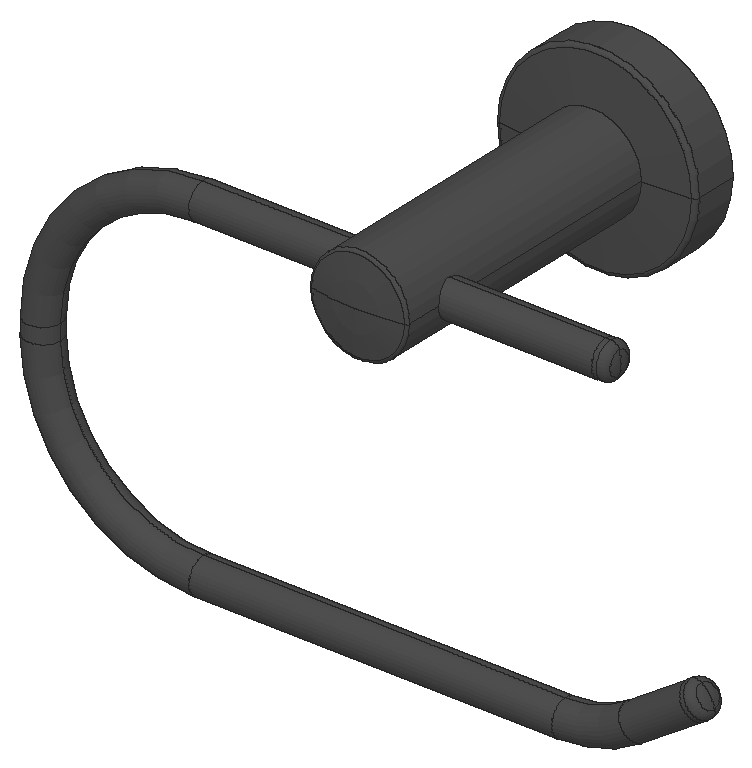
Revit family "Reece_Accessory_Posh_Solus MK2_Toilet Roll Holder", category Plumbing Fixtures, host Face, Revit 2018
Family settings
  Host = Face
  Round Connector Dimension = Use Diameter
  Part Type = Normal
  Cut with Voids When Loaded = Yes
  Shared = Yes
  Room Calculation Point = Yes
Parameters (values of type "Matte Black")
  URL = "https://www.reece.com.au/product/-2263973"
  Type Comments = "Accessory"
  Reece_Product_Web Page = "https://www.reece.com.au/product/-2263973"
  Reece_Product_Type = "Accessory"  # constant formula
  Reece_Product_Sub Brand = "Solus MK2"  # constant formula
  Reece_Product_Number = "2263973"
  Reece_Product_Mount = "Wall Mounted"
  Reece_Product_Description = "Posh Solus MK2 Toilet Roll Holder Matte Black"
  Reece_Product_Brand = "Posh"  # constant formula
  Reece_Overall_Width = 78 mm  # constant formula
  Reece_Overall_Length = 155 mm  # constant formula
  Reece_Overall_Height = 102 mm  # constant formula
  Reece_Material_Main = Reece_Brass_Matte Black
  Reece_Height_From_Level [instance] = 500 mm
  Reece_Detail_Installation = "Wall Mounted"  # constant formula
  Reece_Detail_Disclaimer = "THIS FILE IS THE PROPERTY OF THE REECE GROUP. IT MAY NOT BE REPRODUCED, REVERSE-ENGINEERED OR MODIFIED. ANY REPUBLICATION, TRANSMISSION OR DISTRIBUTION FOR THE PURPOSE OF COMMERCIALLY EXPLOITING THE FILES IS PROHIBITED."  # constant formula
  Reece_Detail_Additional = "Toilet Roll Holder"  # constant formula
  Model = "Solus MK2"
  Manufacturer = "Posh"
  Keynote = "Product #2263973, Reece_Accessory_Posh_Solus MK2_Toilet Roll Holder - Matte Black"
  Disclaimer = "THIS FILE IS THE PROPERTY OF THE REECE GROUP. IT MAY NOT BE REPRODUCED, REVERSE-ENGINEERED OR MODIFIED. ANY REPUBLICATION, TRANSMISSION OR DISTRIBUTION FOR THE PURPOSE OF COMMERCIALLY EXPLOITING THE FILES IS PROHIBITED."  # constant formula
  Description = "Posh Solus MK2 Toilet Roll Holder Matte Black"
  Default Elevation = 0 mm
Types (3, lengths in mm): name | URL | Reece_Product_Web Page | Reece_Product_Number | Reece_Product_Description | Reece_Material_Main | Keynote | Description
  (no name) | "https://www.reece.com.au/product/-9506580" | "https://www.reece.com.au/product/-9506580" | "9506580" | "Posh Solus MK2 Toilet Roll Holder Chrome" | Reece_Brass_Chrome | "Product #9506580, Reece_Accessory_Posh_Solus MK2_Toilet Roll Holder -  " | "Posh Solus MK2 Toilet Roll Holder Chrome"
  Chrome | "https://www.reece.com.au/product/-9506580" | "https://www.reece.com.au/product/-9506580" | "9506580" | "Posh Solus MK2 Toilet Roll Holder Chrome" | Reece_Brass_Chrome | "Product #9506580, Reece_Accessory_Posh_Solus MK2_Toilet Roll Holder - Chrome" | "Posh Solus MK2 Toilet Roll Holder Chrome"
  Matte Black | "https://www.reece.com.au/product/-2263973" | "https://www.reece.com.au/product/-2263973" | "2263973" | "Posh Solus MK2 Toilet Roll Holder Matte Black" | Reece_Brass_Matte Black | "Product #2263973, Reece_Accessory_Posh_Solus MK2_Toilet Roll Holder - Matte Black" | "Posh Solus MK2 Toilet Roll Holder Matte Black"
Reference planes
  plane 1 "Center (Front/Back)": y = 0
  plane 2 "Bottom Host Plane": z = -5
  plane 3 "Center (Left/Right)": x = 0
  plane 4 "Height From Floor": z = 500
  plane 5: y = -78
  plane 6: x = -77.5
  plane 7: x = 77.5
  plane 8: z = 522.5
  plane 9: z = 420.5
Forms (mm)
  Sweep 1, solid, material "Reece_Brass_Matte Black" <- "Reece_Material_Main"
    path origin (-148.973, -64.266, 30.957) x (-0.959839, 0, 0.28055) y (0.28055, 0, 0.959839)
      loop
        line (-102.248, 450.797) -> (-91.722, 438.324)
        arc (-91.722, 438.324) -> (-84.574, 432.011) -> (-75.908, 428.029) r 32.695
        line (-75.908, 428.029) -> (2.29, 405.173)
        arc (2.29, 405.173) -> (32.726, 408.483) -> (51.906, 432.344) r 40
        line (51.906, 432.344) -> (52.885, 435.696)
        arc (52.885, 435.696) -> (49.575, 466.131) -> (25.714, 485.311) r 40
        line (25.714, 485.311) -> (-61.129, 510.694)
    profile origin (7.738, -64.266, 503.991) x (0, 0, -1) y (0, 1, 0)
      loop
        circle (4, 0) r 4
  Revolve 2, solid, material "Reece_Brass_Matte Black" <- "Reece_Material_Main"
    sketch origin (7.515, 0, 500) x (-1, 0, 0) y (0, -1, 0)
      loop
        line (-22.5, 0) -> (0, 0) -> (0, 78)
        arc (0, 78) -> (-5.252, 77.719) -> (-10.444, 76.88) r 49.27
        arc (-10.444, 76.88) -> (-10.85, 76.63) -> (-11.009, 76.18) r 0.717
        line (-11.009, 76.18) -> (-11.009, 11.227)
        arc (-11.009, 11.227) -> (-16.328, 10.8) -> (-21.629, 10.198) r 161.652
        arc (-21.629, 10.198) -> (-22.251, 9.866) -> (-22.5, 9.206) r 1
        line (-22.5, 9.206) -> (-22.5, 0)
      axis (0, 0) -> (0, 78)
    angle from 0 to 360
  Extrusion 3, void
    sketch origin (7.515, 0, 0.859) x (0, 1, 0) y (0, 0, 1)
      loop
        arc (-19.236, 488.341) -> (-25.239, 489.527) -> (-31.24, 488.321) r 15.681
        line (-31.24, 488.321) -> (-31.24, 486.244) -> (-19.236, 486.244) -> (-19.236, 488.341)
    from -14.856 to 13.37
  Revolve 4, solid, material "Reece_Brass_Matte Black" <- "Reece_Material_Main"
    sketch origin (-345.181, -64.266, 255.665) x (-0.707107, 0, 0.707107) y (0.707107, 0, 0.707107)
      loop
        line (-108.775, 454.305) -> (-111.213, 456.743)
        arc (-111.213, 456.743) -> (-112.078, 455.728) -> (-112.772, 454.59) r 8.409
        arc (-112.772, 454.59) -> (-112.961, 453.372) -> (-112.401, 452.274) r 2
        line (-112.401, 452.274) -> (-111.604, 451.477) -> (-108.775, 454.305)
      axis (-108.775, 454.305) -> (-111.213, 456.743)
    angle from 0 to 360
  Revolve 5, solid, material "Reece_Brass_Matte Black" <- "Reece_Material_Main"
    sketch origin (-123.407, -64.266, 14.646) x (-0.980079, 0, 0.198608) y (0.198608, 0, 0.980079)
      loop
        line (-108.775, 454.305) -> (-111.213, 456.743)
        arc (-111.213, 456.743) -> (-112.078, 455.728) -> (-112.772, 454.59) r 8.409
        arc (-112.772, 454.59) -> (-112.961, 453.372) -> (-112.401, 452.274) r 2
        line (-112.401, 452.274) -> (-111.604, 451.477) -> (-108.775, 454.305)
      axis (-108.775, 454.305) -> (-111.213, 456.743)
    angle from 0 to 360
Cuts and joins
  Extrusion 3 cuts Revolve 2
  joined: Sweep 1, Revolve 2, Revolve 4, Revolve 5
Lines and regions (mm)
  model lines, style "InvisibleLines"
    curve 1: line (0, 0, -5) -> (0, 0, 500)
Text (mm)
  text "Reece ©" at (2668.853, -2395.367, 2952.593), in view "Reece Preview"
  text "Reece Copyright © 2018, Reece Ltd." at (-247.475, -190.626, 0), in view "Ref. Level"
Dimensions and locks
  plane 2 "Bottom Host Plane" to level = 5 mm
  locked: level to plane 2 "Bottom Host Plane" at 5
  "Reece_Height_From_Level": plane 4 "Height From Floor" to level
  "Reece_Overall_Width": plane 1 "Center (Front/Back)" to plane 5
  equal spacing: plane 6, plane 3 "Center (Left/Right)", plane 7
  "Reece_Overall_Length": plane 6 to plane 7
  locked: plane 8 to plane 4 "Height From Floor" at 22.5
  "Reece_Overall_Height": plane 8 to plane 9
  aligned and locked: plane 2 "Bottom Host Plane" to curve 1
  aligned and locked: plane 4 "Height From Floor" to curve 1
Automatic sketch dimensions
  curve 1 to plane 3 "Center (Left/Right)" = 0 mm
  Sweep 1 sketch curve to profile plane = 0 mm
  Sweep 1 sketch curve to profile plane = 4 mm
  plane 1 "Center (Front/Back)" to Revolve 2 sketch curve = 0 mm
  Revolve 2 sketch curve to Revolve 2 sketch curve = 1 mm
  Revolve 2 sketch curve to Revolve 2 sketch curve = 0.717 mm
  plane 3 "Center (Left/Right)" to Revolve 2 sketch curve = 7.515 mm  (x2)
  Revolve 2 sketch curve to plane 1 "Center (Front/Back)" = 150.098 mm
  plane 1 "Center (Front/Back)" to Revolve 2 sketch curve = 28.73 mm
  plane 1 "Center (Front/Back)" to Revolve 2 sketch curve = 9.206 mm
  Revolve 2 sketch curve to Revolve 2 sketch curve = 1.029 mm
  Revolve 2 sketch curve to Revolve 2 sketch curve = 12.283 mm
  Revolve 2 sketch curve to Revolve 2 sketch curve = 23.822 mm
  plane 1 "Center (Front/Back)" to Extrusion 3 sketch curve = 31.24 mm
  Extrusion 3 sketch curve to Extrusion 3 sketch curve = 6.022 mm
  Extrusion 3 sketch curve to Extrusion 3 sketch curve = 12.005 mm
  Extrusion 3 sketch curve to plane 4 "Height From Floor" = 25.295 mm
  Extrusion 3 sketch curve to plane 4 "Height From Floor" = 12.897 mm
  Extrusion 3 sketch curve to Extrusion 3 sketch curve = 2.097 mm
  Extrusion 3 sketch curve to Extrusion 3 sketch curve = 0.004 mm
  Revolve 4 sketch curve to plane 4 "Height From Floor" = 4.009 mm
  plane 7 to Revolve 4 sketch curve = 23.396 mm
  Revolve 4 sketch curve to Revolve 4 sketch curve = 0.797 mm  (x2)
  Revolve 4 sketch curve to Revolve 4 sketch curve = 1.188 mm
  Revolve 4 sketch curve to Revolve 4 sketch curve = 1.414 mm  (x2)
  Revolve 4 sketch curve to Revolve 4 sketch curve = 2.211 mm
  Revolve 4 sketch curve to Revolve 4 sketch curve = 3.509 mm  (x2)
  Revolve 4 sketch curve to Revolve 4 sketch curve = 0.369 mm  (x2)
  Revolve 4 sketch curve to Revolve 4 sketch curve = 0 mm  (x2)
  plane 7 to Revolve 5 sketch curve = 0.92 mm
  plane 9 to Revolve 5 sketch curve = 15.087 mm
  Revolve 5 sketch curve to Revolve 5 sketch curve = 0.797 mm  (x2)
  Revolve 5 sketch curve to Revolve 5 sketch curve = 1.188 mm
  Revolve 5 sketch curve to Revolve 5 sketch curve = 1.414 mm  (x2)
  Revolve 5 sketch curve to Revolve 5 sketch curve = 2.211 mm
  Revolve 5 sketch curve to Revolve 5 sketch curve = 3.509 mm  (x2)
  Revolve 5 sketch curve to Revolve 5 sketch curve = 0.369 mm  (x2)
  Revolve 5 sketch curve to Revolve 5 sketch curve = 0 mm  (x2)
  Sweep 1 sketch curve to plane 9 = 0 mm  (x2)
  plane 9 to Sweep 1 sketch curve = 5.445 mm
  plane 7 to Sweep 1 sketch curve = 15.463 mm
  Sweep 1 sketch curve to Sweep 1 sketch curve = 15.814 mm
  Sweep 1 sketch curve to Sweep 1 sketch curve = 78.199 mm
  Sweep 1 sketch curve to Sweep 1 sketch curve = 11.222 mm  (x2)
  Sweep 1 sketch curve to Sweep 1 sketch curve = 0.979 mm  (x2)
  Sweep 1 sketch curve to Sweep 1 sketch curve = 38.394 mm
  Sweep 1 sketch curve to Sweep 1 sketch curve = 10.526 mm
  Sweep 1 sketch curve to Sweep 1 sketch curve = 5.606 mm
  Revolve 2 sketch curve to plane 5 = 0 mm
  plane 5 to Revolve 2 sketch curve = 1.82 mm
  plane 3 "Center (Left/Right)" to Revolve 2 sketch curve = 8.25 mm
  Revolve 2 sketch curve to Revolve 2 sketch curve = 10.292 mm
  Revolve 2 sketch curve to Revolve 2 sketch curve = 10.491 mm
  radius of Sweep 1 sketch curve = 4 mm
